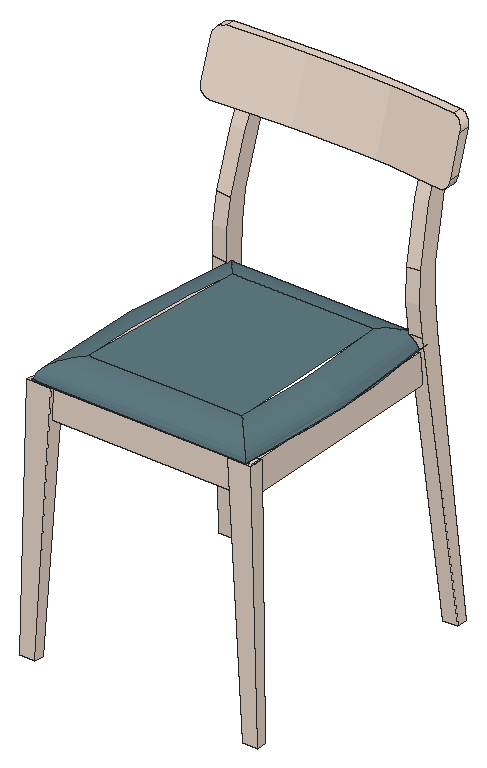
Revit family "FU_Chair_Sandler_Inga 1-1", category Furniture, Revit 2020
Family settings
  OmniClass Number = 23.40.20.00
  OmniClass Title = General Furniture and Specialties
  Work Plane-Based = No
  Always vertical = Yes
  Cut with Voids When Loaded = No
  Shared = No
  Room Calculation Point = No
Parameters (values of type "Inga 1.1")
  Width = 465 mm
  URL = "https://www.sandlerseating.com/product/inga-1-1/"
  Seat = Fabric - Mainline Flax - Pimlico MLF34
  Model = "Inga 1.1"
  Manufacturer = "Sandler"
  Height = 850 mm
  Frame = Wood - Stain - Bleached
  Description = "Side chair with an upholstered seat and wooden back on a solid beech frame."
  Depth = 505 mm
  Default Elevation = 0 mm
Reference planes
  plane 1 "Center (Front/Back)": y = 0
  plane 2: z = 0
  plane 3 "Center (Left/Right)": x = 0
  plane 4 "Right": x = -232.5
  plane 5 "Left": x = 232.5
  plane 6 "Back": y = 252.5
  plane 7 "Front": y = -252.5
  plane 8 "Height": z = 850
  plane 9 "Seat height": z = 480
  plane 10 "BR L Angle Front": through (-170.406, -1524, 798.107) normal (0.9986, 0, -0.0525)
  plane 11 "Frame Height": z = 464.829
Forms (mm)
  Extrusion 1, solid, material "Wood - Stain - Bleached" <- "Frame"
    sketch origin (-211.773, 0, 11.254) x (0.052501, 0, 0.998621) y (0, -1, 0)
      loop
        line (-11.17, -211.485) -> (-11.17, -231.113) -> (480.792, -196.712)
        arc (480.792, -196.712) -> (535.769, -194.943) -> (590.586, -199.497) r 478.313
        arc (590.586, -199.497) -> (681.592, -217.224) -> (770.268, -244.297) r 892.578
        arc (770.268, -244.297) -> (782.45, -242.471) -> (787.563, -231.264) r 12.917
        arc (787.563, -231.264) -> (691.299, -191.886) -> (590.509, -166.224) r 748.904
        arc (590.509, -166.224) -> (535.595, -160.79) -> (480.526, -164.305) r 340.245
        line (480.526, -164.305) -> (-11.17, -211.485)
    from -9.615 to 16.927
  Extrusion 2, solid, material "Wood - Stain - Bleached" <- "Frame"
    sketch origin (211.773, 0, 11.254) x (-0.052501, 0, 0.998621) y (0, 1, 0)
      loop
        line (-11.17, 211.485) -> (480.526, 164.305)
        arc (480.526, 164.305) -> (535.595, 160.79) -> (590.509, 166.224) r 340.245
        arc (590.509, 166.224) -> (691.299, 191.886) -> (787.563, 231.264) r 748.904
        arc (787.563, 231.264) -> (782.45, 242.471) -> (770.268, 244.297) r 12.917
        arc (770.268, 244.297) -> (681.592, 217.224) -> (590.586, 199.497) r 892.578
        arc (590.586, 199.497) -> (535.769, 194.943) -> (480.792, 196.712) r 478.313
        line (480.792, 196.712) -> (-11.17, 231.113) -> (-11.17, 211.485)
    from -9.615 to 16.927
  Blend 3, solid, material "Wood - Stain - Bleached" <- "Frame"
    base sketch origin (0, 0, 0) x (1, 0, 0) y (0, 1, 0)
      loop
        line (-222.143, -252.5) -> (-194.143, -252.5) -> (-192.581, -235) -> (-220.581, -235) -> (-222.143, -252.5)
    top sketch origin (0, 0, 0) x (1, 0, 0) y (0, 1, 0)
      loop
        line (-208.793, -252.5) -> (-165.202, -252.5) -> (-163.672, -225.762) -> (-207.263, -225.762) -> (-208.793, -252.5)
    from 0 to 464.829
  Blend 4, solid, material "Wood - Stain - Bleached" <- "Frame"
    base sketch origin (0, 0, 0) x (-1, 0, 0) y (0, -1, 0)
      loop
        line (-222.143, 252.5) -> (-220.581, 235) -> (-192.581, 235) -> (-194.143, 252.5) -> (-222.143, 252.5)
    top sketch origin (0, 0, 0) x (-1, 0, 0) y (0, -1, 0)
      loop
        line (-208.793, 252.5) -> (-207.263, 225.762) -> (-163.672, 225.762) -> (-165.202, 252.5) -> (-208.793, 252.5)
    from 0 to 464.829
  Extrusion 5, solid, material "Wood - Stain - Bleached" <- "Frame"
    sketch origin (0, 0, 464.829) x (-1, 0, 0) y (0, -1, 0)
      loop
        line (205.371, 246.484) -> (-205.371, 246.484) -> (-187.14, -189.895) -> (187.14, -189.895) -> (205.371, 246.484)
      loop
        line (-187.207, 232.22) -> (-170.168, -175.631) -> (170.168, -175.631) -> (187.207, 232.22) -> (-187.207, 232.22)
    from -56.316 to 0
  Sweep 6, solid, material "Wood - Stain - Bleached" <- "Frame"
    path origin (0, 0, 0) x (0, 1, 0) y (0, 0, 1)
      loop
        line (215.898, 721.402) -> (256.979, 850)
    profile "Pro_Inga_Back : Pro_Inga_Back" origin (0, 236.438, 785.701) x (0, -0.952575, 0.304305) y (1, 0, 0)
      loop
        arc (30.116, 241.175) -> (0, -0.038) -> (30.717, -241.175) r 971.366
        line (30.717, -241.175) -> (45.91, -241.175)
        arc (45.91, -241.175) -> (14.46, 0.005) -> (45.984, 241.175) r 939.367
        line (45.984, 241.175) -> (30.116, 241.175)
  Extrusion 7, void
    sketch origin (0, 0, 0) x (1, 0, 0) y (0, 0, 1)
      loop
        arc (210.726, 850.67) -> (-0.03, 841.01) -> (-210.837, 849.498) r 2452.694
        arc (-210.837, 849.498) -> (-226.041, 844.286) -> (-232.5, 829.568) r 20
        line (-232.5, 829.568) -> (-232.5, 759.709)
        arc (-232.5, 759.709) -> (-227.228, 746.178) -> (-214.191, 739.78) r 20
        arc (-214.191, 739.78) -> (0.083, 731.011) -> (214.303, 740.992) r 2452.694
        arc (214.303, 740.992) -> (227.266, 747.421) -> (232.5, 760.91) r 20
        line (232.5, 760.91) -> (232.5, 830.749)
        arc (232.5, 830.749) -> (226, 845.505) -> (210.726, 850.67) r 20
      loop
        line (-261.767, 883.137) -> (-261.767, 708.137) -> (258.233, 708.137) -> (258.233, 883.137) -> (-261.767, 883.137)
    from -262.214 to -161.753
  Extrusion 8, solid, material "Fabric - Mainline Flax - Pimlico MLF34" <- "Seat"
    sketch origin (0, 0, 464.829) x (-1, 0, 0) y (0, -1, 0)
      loop
        line (143.159, 192.5) -> (-143.159, 192.5)
        arc (-143.159, 192.5) -> (-144.86, 31.03) -> (-131.489, -129.895) r 1729.054
        line (-131.489, -129.895) -> (131.489, -129.895)
        arc (131.489, -129.895) -> (144.86, 31.03) -> (143.159, 192.5) r 1729.054
    from 0 to 36
  Sweep 9, solid, material "Fabric - Mainline Flax - Pimlico MLF34" <- "Seat"
    path in 3D
      loop
        arc (143.159, -192.5, 500.829) -> (144.86, -31.03, 500.829) -> (131.489, 129.895, 500.829) r 1729.054
        line (131.489, 129.895, 500.829) -> (-131.489, 129.895, 500.829)
        arc (-131.489, 129.895, 500.829) -> (-144.86, -31.03, 500.829) -> (-143.159, -192.5, 500.829) r 1729.054
        line (-143.159, -192.5, 500.829) -> (143.159, -192.5, 500.829)
    profile "Pro_Inga_Seat_Edge : Pro_Inga_Seat_Edge" origin (0, -192.5, 500.829) x (0, 1, 0) y (0, 0, 1)
      loop
        spline (0, 0) -> (-7.53, -0.285) -> (-14.94, -1.134) -> (-22.115, -2.534) -> (-28.939, -4.464) -> (-35.306, -6.892) -> (-41.115, -9.781) -> (-46.274, -13.084) -> (-50.701, -16.75) -> (-54.327, -20.719) -> (-57.093, -24.931) -> (-58.957, -29.317) -> (-59.889, -33.809)
        arc (-59.889, -33.809) -> (-58.813, -35.39) -> (-57, -36) r 3
        line (-57, -36) -> (0, -36) -> (0, 0)
Cuts and joins
  Extrusion 7 cuts Sweep 6
  joined: Extrusion 8, Sweep 9
Lines and regions (mm)
  sketch lines
    curve 1: line (-143.159, -192.5, 500.829) -> (143.159, -192.5, 500.829)
    curve 2: arc (131.489, 129.895, 500.829) -> (144.86, -31.03, 500.829) -> (143.159, -192.5, 500.829) r 1729.054
    curve 3: line (131.489, 129.895, 500.829) -> (-131.489, 129.895, 500.829)
    curve 4: arc (-143.159, -192.5, 500.829) -> (-144.86, -31.03, 500.829) -> (-131.489, 129.895, 500.829) r 1729.054
Dimensions and locks
  equal spacing: plane 4 "Right", plane 3 "Center (Left/Right)", plane 5 "Left"
  "Width": plane 4 "Right" to plane 5 "Left"
  equal spacing: plane 6 "Back", plane 1 "Center (Front/Back)", plane 7 "Front"
  "Depth": plane 6 "Back" to plane 7 "Front"
  "Height": plane 8 "Height" to level
  plane 9 "Seat height" to level = 480 mm
  aligned and locked: level to plane 2
  aligned and locked: plane 11 "Frame Height" to Extrusion 5
Automatic sketch dimensions
  Extrusion 1 sketch curve to plane 6 "Back" = 41.015 mm
  Extrusion 1 sketch curve to Extrusion 1 sketch curve = 467.74 mm
  Extrusion 1 sketch curve to Extrusion 1 sketch curve = 9.088 mm
  Extrusion 1 sketch curve to plane 6 "Back" = 88.195 mm
  Extrusion 1 sketch curve to Extrusion 1 sketch curve = 491.695 mm
  Extrusion 1 sketch curve to plane 6 "Back" = 55.788 mm
  Extrusion 1 sketch curve to Extrusion 1 sketch curve = 0.267 mm
  Extrusion 1 sketch curve to Extrusion 1 sketch curve = 67.07 mm
  Extrusion 1 sketch curve to Extrusion 1 sketch curve = 6.017 mm
  Extrusion 1 sketch curve to plane 6 "Back" = 20.345 mm
  Extrusion 1 sketch curve to Extrusion 1 sketch curve = 293.884 mm
  plane 6 "Back" to Extrusion 1 sketch curve = 248.484 mm
  Extrusion 1 sketch curve to Extrusion 1 sketch curve = 172.118 mm
  Extrusion 1 sketch curve to Extrusion 1 sketch curve = 229.952 mm
  Extrusion 1 sketch curve to Extrusion 1 sketch curve = 180.235 mm
  Extrusion 1 sketch curve to Extrusion 1 sketch curve = 19.628 mm
  Extrusion 1 sketch curve to Extrusion 1 sketch curve = 0 mm  (x3)
  Extrusion 2 sketch curve to plane 6 "Back" = 41.015 mm
  Extrusion 2 sketch curve to Extrusion 2 sketch curve = 467.74 mm
  Extrusion 2 sketch curve to Extrusion 2 sketch curve = 9.088 mm
  Extrusion 2 sketch curve to plane 6 "Back" = 88.195 mm
  Extrusion 2 sketch curve to Extrusion 2 sketch curve = 491.695 mm
  Extrusion 2 sketch curve to plane 6 "Back" = 55.788 mm
  Extrusion 2 sketch curve to Extrusion 2 sketch curve = 0.267 mm
  Extrusion 2 sketch curve to Extrusion 2 sketch curve = 67.07 mm
  Extrusion 2 sketch curve to Extrusion 2 sketch curve = 6.017 mm
  Extrusion 2 sketch curve to plane 6 "Back" = 20.345 mm
  Extrusion 2 sketch curve to Extrusion 2 sketch curve = 293.884 mm
  Extrusion 2 sketch curve to Extrusion 2 sketch curve = 19.628 mm
  plane 6 "Back" to Extrusion 2 sketch curve = 248.484 mm
  Extrusion 2 sketch curve to Extrusion 2 sketch curve = 172.118 mm
  Extrusion 2 sketch curve to Extrusion 2 sketch curve = 229.952 mm
  Extrusion 2 sketch curve to Extrusion 2 sketch curve = 180.235 mm
  Extrusion 2 sketch curve to Extrusion 2 sketch curve = 0 mm  (x3)
  Blend 3 sketch curve to plane 7 "Front" = 0 mm  (x2)
  Blend 3 sketch curve to plane 4 "Right" = 10.357 mm
  Blend 3 sketch curve to plane 4 "Right" = 11.919 mm
  Blend 3 sketch curve to Blend 3 sketch curve = 28 mm
  plane 7 "Front" to Blend 3 sketch curve = 17.5 mm
  Blend 3 sketch curve to Blend 3 sketch curve = 1.563 mm
  Blend 3 sketch curve to plane 4 "Right" = 23.707 mm
  Blend 3 sketch curve to plane 4 "Right" = 25.237 mm
  Blend 3 sketch curve to Blend 3 sketch curve = 43.591 mm
  plane 7 "Front" to Blend 3 sketch curve = 26.738 mm
  Blend 3 sketch curve to Blend 3 sketch curve = 1.53 mm
  Blend 4 sketch curve to plane 7 "Front" = 0 mm  (x2)
  Blend 4 sketch curve to plane 5 "Left" = 10.357 mm
  Blend 4 sketch curve to plane 5 "Left" = 11.919 mm
  Blend 4 sketch curve to Blend 4 sketch curve = 28 mm
  Blend 4 sketch curve to plane 7 "Front" = 17.5 mm
  Blend 4 sketch curve to Blend 4 sketch curve = 1.563 mm
  Blend 4 sketch curve to plane 5 "Left" = 23.707 mm
  Blend 4 sketch curve to plane 5 "Left" = 25.237 mm
  Blend 4 sketch curve to Blend 4 sketch curve = 43.591 mm
  Blend 4 sketch curve to plane 7 "Front" = 26.738 mm
  Blend 4 sketch curve to Blend 4 sketch curve = 1.53 mm
  plane 7 "Front" to Extrusion 5 sketch curve = 6.016 mm
  plane 5 "Left" to Extrusion 5 sketch curve = 27.129 mm
  plane 5 "Left" to Extrusion 5 sketch curve = 45.36 mm
  Extrusion 5 sketch curve to Extrusion 5 sketch curve = 16.972 mm  (x2)
  Extrusion 5 sketch curve to plane 4 "Right" = 62.332 mm
  plane 7 "Front" to Extrusion 5 sketch curve = 20.28 mm
  Extrusion 5 sketch curve to plane 4 "Right" = 45.293 mm
  Extrusion 5 sketch curve to Extrusion 5 sketch curve = 18.164 mm  (x2)
  Extrusion 5 sketch curve to plane 6 "Back" = 76.869 mm
  Extrusion 5 sketch curve to Extrusion 5 sketch curve = 14.264 mm
  Sweep 6 sketch curve to plane 8 "Height" = 0 mm
  Sweep 6 sketch curve to plane 6 "Back" = 36.602 mm
  plane 6 "Back" to Sweep 6 sketch curve = 4.479 mm
  Sweep 6 sketch curve to plane 8 "Height" = 128.598 mm
  plane 4 "Right" to Extrusion 7 sketch curve = 0 mm
  plane 5 "Left" to Extrusion 7 sketch curve = 0 mm
  plane 4 "Right" to Extrusion 7 sketch curve = 29.267 mm
  Extrusion 7 sketch curve to plane 4 "Right" = 20 mm  (x2)
  Extrusion 7 sketch curve to plane 3 "Center (Left/Right)" = 6.849 mm  (x2)
  Extrusion 7 sketch curve to Extrusion 7 sketch curve = 20 mm  (x2)
  Extrusion 7 sketch curve to plane 5 "Left" = 25.733 mm
  Extrusion 7 sketch curve to plane 8 "Height" = 141.863 mm
  Extrusion 7 sketch curve to Extrusion 7 sketch curve = 51.572 mm
  Extrusion 7 sketch curve to Extrusion 7 sketch curve = 52.773 mm
  Extrusion 7 sketch curve to plane 8 "Height" = 20.432 mm
  Extrusion 7 sketch curve to plane 8 "Height" = 19.251 mm
  plane 8 "Height" to Extrusion 7 sketch curve = 33.137 mm
  Extrusion 7 sketch curve to Extrusion 7 sketch curve = 2300.558 mm
  Extrusion 7 sketch curve to Extrusion 7 sketch curve = 110 mm
  Extrusion 7 sketch curve to Extrusion 7 sketch curve = 0 mm  (x2)
  plane 1 "Center (Front/Back)" to Extrusion 8 sketch curve = 93.577 mm  (x2)
  Extrusion 8 sketch curve to plane 5 "Left" = 1350.562 mm
  plane 5 "Left" to Extrusion 8 sketch curve = 101.011 mm
  Extrusion 8 sketch curve to plane 4 "Right" = 101.011 mm
  plane 7 "Front" to Extrusion 8 sketch curve = 60 mm
  Extrusion 8 sketch curve to plane 3 "Center (Left/Right)" = 143.159 mm
  plane 5 "Left" to Extrusion 8 sketch curve = 89.341 mm
